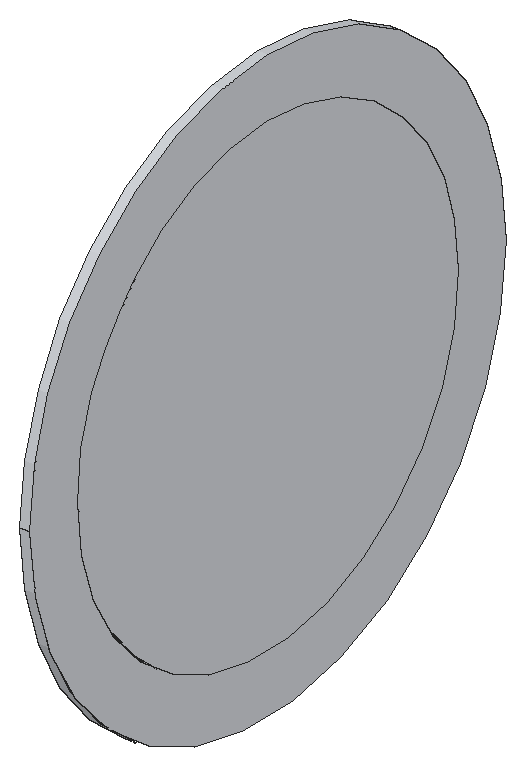
Revit family "Round-Duct-Union-w-KoolDuct-Insulation-System", category Duct Fittings, Revit 2026
Family settings
  Round Connector Dimension = Use Radius
  Part Type = Union
  Classification Number = 23.75.70.14
  Work Plane-Based = No
  Always vertical = Yes
  Cut with Voids When Loaded = No
  Shared = No
Parameters (values of type "KoolDuct Duct")
  built-in parameter 1114242 [instance] = (empty or 0)
  URL = "http://www.trustgreenguard.com/hvac-ductwork/kingspan-koolduct-system/"
  Type Comments = ""
  Specification = "http://www.arcat.com/sdspecs/htm04/23_31_00ksp.htm"
  Sales Information = "http://www.trustgreenguard.com/contact/"
  Revision = "R1_2016-10"
  R0 [instance] = 6"
  Product Properties = "http://www.trustgreenguard.com/knowledge-base/ductwork/"
  Product Data = "http://www.arcat.com/arcatcos/cos49/arc49893.html"
  Model = "Round Duct Union w/ KoolDuct Insulation"
  Manufacturer Website = "http://www.trustgreenguard.com/hvac-ductwork/kingspan-koolduct-system/"
  Manufacturer Phone - Toll Free = "800-241-4402"
  Manufacturer Phone = "678-589-7300"
  Manufacturer Fax = "678-589-7325"
  Manufacturer Address = "2100 RiverEdge Pkwy. Suite 175; Atlanta; GA 30328"
  Manufacturer = "Kingspan Insulation LLC"
  Lining Thickness [instance] = 0"
  Lining R [instance] = R0 - Lining Thickness  # 6"
  Length01 [instance] = 1/4"
  Keynote = "23 07 19"
  Insulation Thickness = 1 1/2"
  Insulation R [instance] = R0 + Insulation Thickness  # 7 1/2"
  Installation-Fabrication = "http://www.trustgreenguard.com/knowledge-base/ductwork/"
  Drawn By = "Sumex Design / Robert S Weygant"
  Description = "Round Duct Union w/ KoolDuct Insulation System"
  Default Elevation = 0' - 0"
  Cost = 0
  Copyright = "� 2016 ARCAT Inc."
  Construction Details = "http://www.arcat.com/details/kinginsu/kinginsu.html?coid=49893"
  Assembly Code = "D3040100"
Reference planes (in)
  plane 1 "Center (Front/Back)": y = 0
  plane 2: z = 0
  plane 3 "Center (Left/Right)": x = 0
  plane 4: x = 0.25
Forms (in)
  Sweep 1, solid, detail levels medium+fine
    path in 3D
      loop
        line (0, 0, 0) -> (0.25, 0, 0)
    profile origin (0.125, 0, 0) x (0, 1, 0) y (0, 0, 1)
      loop
        circle (0, 0) r 6
  Sweep 2, solid, detail levels medium+fine
    path in 3D
      loop
        line (0, 0, 0) -> (0.25, 0, 0)
    profile origin (0.125, 0, 0) x (0, 1, 0) y (0, 0, 1)
      loop
        circle (0, 0) r 7.5
  Sweep 3, solid, detail levels medium+fine
    path in 3D
      loop
        line (0, 0, 0) -> (0.25, 0, 0)
    profile origin (0.125, 0, 0) x (0, 1, 0) y (0, 0, 1)
      loop
        circle (0, 0) r 6
Lines and regions (in)
  model lines, style "DuctFitting", detail levels coarse
    curve 1: line (0, 0, 0) -> (0.25, 0, 0)
  sketch lines
    curve 2: line (0, 0, 0) -> (0.25, 0, 0)
    curve 3: line (0, 0, 0) -> (0.25, 0, 0)
    curve 4: line (0, 0, 0) -> (0.25, 0, 0)
Dimensions and locks (in)
  "Length01": plane 3 "Center (Left/Right)" to plane 4
  "R0": radius of Sweep 1 sketch curve
  "Insulation R": radius of Sweep 2 sketch curve
  "Lining R": radius of Sweep 3 sketch curve
  aligned and locked: plane 3 "Center (Left/Right)" to curve 1
  aligned and locked: plane 1 "Center (Front/Back)" to curve 1
Automatic sketch dimensions
  curve 1 to plane 4 = 0' - 0"
  Sweep 1 sketch curve to profile plane = 0' - 0"  (x2)
  Sweep 2 sketch curve to profile plane = 0' - 0"  (x2)
  Sweep 3 sketch curve to profile plane = 0' - 0"  (x2)
Connectors (in)
  hvac at (0, 0, 0), driven by "R0"
    settings: on Sweep 1, index 0, duct flow 0 CFM, flow factor 0, pres drop 0.00 in-wg, loss coef 0, conn angle 0.00°, conn width 12", conn height 12", conn diameter 12", duct sys type 28, conn prof type 0, flow config 0, flow direction 0, loss method 0, conn ref index -1, conn util no, is conn primary no, conn desc ""
  hvac at (0.25, 0, 0), driven by "R0"
    settings: on Sweep 1, index 1, duct flow 0 CFM, flow factor 0, pres drop 0.00 in-wg, loss coef 0, conn angle 0.00°, conn width 12", conn height 12", conn diameter 12", duct sys type 28, conn prof type 0, flow config 0, flow direction 0, loss method 0, conn ref index -1, conn util no, is conn primary yes, conn desc ""
